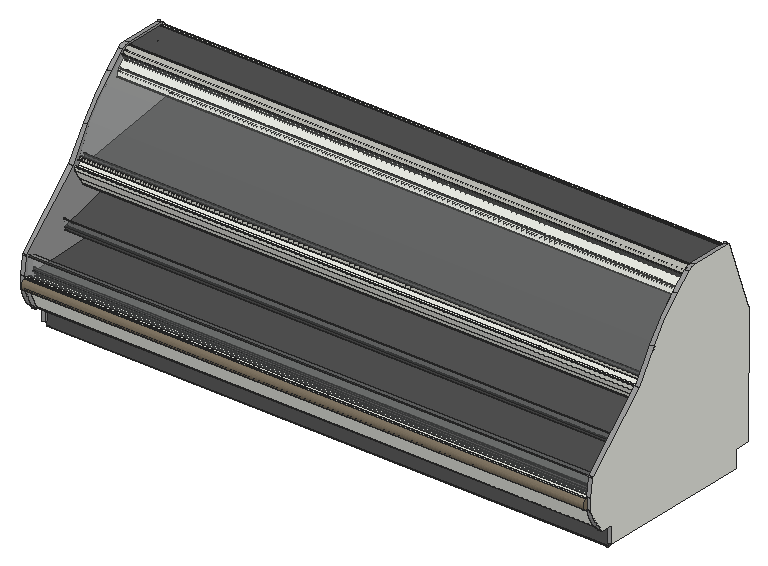
Revit family "CR3-F-EP_2014", category Specialty Equipment, Revit 2014
Parameters (values of type "12'-0" Length")
  Width = 144"
  Waste Drain = 1 1/2"  # constant formula
  Upper Drain = if(Width = 48", 32", if(Width = 72", 44", if(Width = 96", 56", if(Width = 144", 77", 0"))))  # 77"
  URL = "www.hussmann.com"
  Type Comments = "Chino"  # constant formula
  Trim = Stainless Steel
  Total Weight = Case Weight + (2 * End Weight)  # 0.00 lbf
  Splashguard = Textured Sheet Metal (Steel Painted) - 701 Black
  Side Panel - Right [instance] = yes
  Side Panel - Left [instance] = yes
  Shelves = Sheet Metal (Steel Painted) - 701 Black
  Revit Family Date = "09/15/2016"  # constant formula
  Refrigeration Lines Suction = 5/8"  # constant formula
  Refrigeration Lines Liquid = 3/8"  # constant formula
  Refrig. Suction = "Suction"
  Refrig. Liquid = "Liquid"
  Number of Supports = if(Width < 70", 2, if(Width < 140", 3, 4))  # 4
  Note from Manufacturer = "This model only comes in 4'-0\", 6'-0\", 8'-0\", and 12'-0\" lengths."
  Model URL = "http://www.hussmann.com/en/product%20viewer/display-cases/R3M,%20CR3M,%20R3F,%20CR3F"
  Model = "CR3-F-EP"  # constant formula
  Manufacturer Disclaimer = "The information in this file is not intended to be an exact representation of the corresponding Hussmann product.  Further, we reserve the right to change or revise specifications and product design in connection with any feature of our products. Such changes do not entitle the buyer to corresponding changes, improvements, additions, or replacements for equipment previously sold or shipped."  # constant formula
  Manufacturer = "Hussmann Corporation"  # constant formula
  Lower Drain = if(Width = 48", 7", if(Width = 72", 41", if(Width = 96", 53", if(Width = 144", 65", 0"))))  # 65"
  Height = 53 1/4"  # constant formula
  Glazing = Glass
  Ends = Textured Sheet Metal (Steel Painted) - 149 White Satin Matte
  End Weight = 0.00 lbf  # constant formula
  Door Frame = Plastic - 144 Mist Gray
  Description = "Enhanced Performance Service Seafood Top, Multi-Deck, Self-Service Front Merchandiser with Refrigerated or Dry Rear Storage - Curved Glass"  # constant formula
  Depth = 51 3/8"  # constant formula
  Cutsheet URL = "http://www.hussmann.com/en/Technical%20Documents/R3-M,%20CR3-M,%20R3-F,%20CR3-F_ds_En.pdf"
  Case Weight = if(Width = 48", 0.00 lbf, if(Width = 72", 0.00 lbf, if(Width = 96", 0.00 lbf, if(Width = 144", 0.00 lbf, 0.00 lbf))))  # 0.00 lbf
  Case Interior - Side Panel = Stainless Steel
  Case Interior - Back Panel = Stainless Steel
  Case = Textured Sheet Metal (Steel Painted) - 149 White Satin Matte
  Bumper = Extruded PVC - 747 Chocolate Brown
  Assembly Code = ""
  Accessories/Options = ""
  8 Case = Width = 96"  # no
  6 Case = Width = 72"  # no
  4 Case = Width = 48"  # no
  12 Case = Width = 144"  # yes
Reference planes (in)
  plane 1 "Back": y = 0
  plane 2 "Bottom": z = 0
  plane 3 "Top": z = 53.25
  plane 4 "Left": x = -77.30699
  plane 5 "Front": y = -51.375
  plane 6 "Center (Left/Right)": x = -5.30699
  plane 7: x = -78.43199
  plane 8 "Right": x = 66.69301
  plane 9: x = 67.81801
Forms (in)
  Extrusion 1, solid, material "Metal - Copper"
    sketch origin (63.0625, 1.04319, 0) x (1, 0, 0) y (0, 1, 0)
      loop
        arc (-76.49449, -39.16819) -> (-77.02482, -39.38786) -> (-77.24449, -39.91819) r 0.75
        arc (-77.24449, -39.91819) -> (-77.02482, -40.44852) -> (-76.49449, -40.66819) r 0.75
        arc (-76.49449, -40.66819) -> (-75.96416, -40.44852) -> (-75.74449, -39.91819) r 0.75
        arc (-75.74449, -39.91819) -> (-75.96416, -39.38786) -> (-76.49449, -39.16819) r 0.75
      loop
        circle (-76.49449, -39.91819) r 0.7102
    from 5.98508 to 0
  Extrusion 2, solid, material "Metal - Copper"
    sketch origin (57.40105, 5, -0.375) x (1, 0, 0) y (0, 1, 0)
      loop
        circle (2.97946, -42.125) r 0.28859
      loop
        circle (2.97946, -42.125) r 0.3125
    from 6.36008 to 0.375
  Extrusion 3, solid, material "Metal - Copper"
    sketch origin (59.82608, 5, -0.375) x (1, 0, 0) y (0, 1, 0)
      loop
        circle (1.05443, -42.125) r 0.17188
      loop
        circle (1.05443, -42.125) r 0.1875
    from 6.36008 to 0.375
  Extrusion 4, solid, material "Textured Sheet Metal (Steel Painted) - 149 White Satin Matte" <- "Case"
    sketch origin (-5.30699, 0, 0) x (0, 1, 0) y (0, 0, 1)
      loop
        line (-33.38837, 32.56835) -> (-32.48582, 33.74457)
        arc (-32.48582, 33.74457) -> (-32.43851, 33.76986) -> (-32.38829, 33.75097) r 0.065
        line (-32.38829, 33.75097) -> (-31.8949, 33.25757)
        arc (-31.8949, 33.25757) -> (-31.88081, 33.23648) -> (-31.87586, 33.21161) r 0.065
        line (-31.87586, 33.21161) -> (-31.87586, 32.51032)
        arc (-31.87586, 32.51032) -> (-31.87184, 32.49532) -> (-31.86086, 32.48434) r 0.03
        line (-31.86086, 32.48434) -> (-29.72273, 31.24989) -> (-28.88555, 31.3975)
        arc (-28.88555, 31.3975) -> (-28.83699, 31.38674) -> (-28.81026, 31.34478) r 0.065
        line (-28.81026, 31.34478) -> (-28.71363, 30.79681)
        arc (-28.71363, 30.79681) -> (-28.7013, 30.77744) -> (-28.67888, 30.77247) r 0.03
        line (-28.67888, 30.77247) -> (-27.45089, 30.989)
        arc (-27.45089, 30.989) -> (-27.40232, 30.97823) -> (-27.37559, 30.93628) r 0.065
        line (-27.37559, 30.93628) -> (-27.32528, 30.65098)
        arc (-27.32528, 30.65098) -> (-27.31599, 30.63406) -> (-27.29832, 30.6263) r 0.03
        line (-27.29832, 30.6263) -> (-26.84553, 30.58709) -> (-26.86198, 30.39712) -> (-19.20364, 29.99547) -> (-15.18644, 29.99547) -> (-4.3474, 30.51941) -> (-4.3474, 35.42711) -> (-2.94716, 35.42711) -> (-2.98168, 35.52197) -> (-4.51597, 35.52197)
        arc (-4.51597, 35.52197) -> (-4.53525, 35.51495) -> (-4.54551, 35.49718) r 0.03
        line (-4.54551, 35.49718) -> (-4.63952, 34.96406) -> (-4.70058, 34.97482) -> (-4.60657, 35.50794)
        arc (-4.60657, 35.50794) -> (-4.57511, 35.56244) -> (-4.51597, 35.58397) r 0.092
        line (-4.51597, 35.58397) -> (-2.23313, 35.58397) -> (-0.23594, 36.31089)
        arc (-0.23594, 36.31089) -> (-0.16559, 36.30782) -> (-0.11802, 36.2559) r 0.092
        line (-0.11802, 36.2559) -> (-0.00555, 35.94689)
        arc (-0.00555, 35.94689) -> (-0.0014, 35.9314) -> (0, 35.91542) r 0.092
        line (0, 35.91542) -> (0, 35.28405) -> (-0.02202, 35.03232) -> (-0.08379, 35.03772) -> (-0.062, 35.28806) -> (-0.062, 35.41322) -> (-0.27598, 35.41322) -> (-0.20665, 35.15451) -> (-0.20665, 28.41908) -> (-18.65057, 28.41908) -> (-18.65057, 7.54708) -> (-0.27157, 7.54708) -> (-0.27157, 5.90808)
        arc (-0.27157, 5.90808) -> (-0.29061, 5.86212) -> (-0.33657, 5.84308) r 0.065
        line (-0.33657, 5.84308) -> (-0.96459, 5.84308)
        arc (-0.96459, 5.84308) -> (-1.01438, 5.8663) -> (-1.0286, 5.91937) r 0.065
        line (-1.0286, 5.91937) -> (-0.92787, 6.49062) -> (-0.92787, 7.41108) -> (-2.27987, 7.41108) -> (-2.27987, 6.70416)
        arc (-2.27987, 6.70416) -> (-2.28779, 6.66436) -> (-2.31033, 6.63062) r 0.104
        line (-2.31033, 6.63062) -> (-2.99941, 5.94154)
        arc (-2.99941, 5.94154) -> (-3.03315, 5.91899) -> (-3.07295, 5.91108) r 0.104
        line (-3.07295, 5.91108) -> (-3.85387, 5.91108) -> (-3.85387, 5.98508) -> (-46.47246, 5.98508) -> (-46.54679, 5.78148)
        arc (-46.54679, 5.78148) -> (-46.60508, 5.73883) -> (-46.66679, 5.77636) r 0.065
        line (-46.66679, 5.77636) -> (-49.32381, 11.48883) -> (-50.2838, 11.48883)
        arc (-50.2838, 11.48883) -> (-50.34921, 11.51592) -> (-50.3763, 11.58133) r 0.0925
        line (-50.3763, 11.58133) -> (-50.3763, 14.20466)
        arc (-50.3763, 14.20466) -> (-50.34921, 14.27007) -> (-50.2838, 14.29716) r 0.0925
        line (-50.2838, 14.29716) -> (-49.57204, 14.29716)
        arc (-49.57204, 14.29716) -> (-49.50663, 14.27007) -> (-49.47954, 14.20466) r 0.0925
        line (-49.47954, 14.20466) -> (-49.47954, 13.11258) -> (-48.99211, 13.11258) -> (-48.99211, 13.96008) -> (-48.92961, 13.96008) -> (-48.92961, 13.58908) -> (-48.6086, 13.26808) -> (-47.30761, 13.26808) -> (-47.30761, 13.33008) -> (-46.87061, 13.33008) -> (-46.87061, 13.92649)
        arc (-46.87061, 13.92649) -> (-46.84366, 13.99154) -> (-46.77861, 14.01849) r 0.092
        line (-46.77861, 14.01849) -> (-45.83661, 14.01849)
        arc (-45.83661, 14.01849) -> (-45.77155, 13.99154) -> (-45.74461, 13.92649) r 0.092
        line (-45.74461, 13.92649) -> (-45.74461, 13.33008) -> (-45.39961, 13.33008)
        arc (-45.39961, 13.33008) -> (-45.33455, 13.30313) -> (-45.30761, 13.23808) r 0.092
        line (-45.30761, 13.23808) -> (-45.30761, 12.89308) -> (-45.36572, 12.89308) -> (-45.36572, 12.67135) -> (-45.43818, 12.40092) -> (-45.49855, 12.4171) -> (-45.42822, 12.67958) -> (-45.42822, 12.7762) -> (-46.47046, 12.7762) -> (-46.47046, 7.60758) -> (-19.73888, 7.60758) -> (-18.87522, 8.47125) -> (-18.87522, 10.98732) -> (-19.81272, 10.98732) -> (-19.81272, 11.22133) -> (-18.84907, 11.22133) -> (-18.84907, 28.20482) -> (-21.33057, 28.20482) -> (-21.33057, 24.603) -> (-21.46745, 24.603) -> (-21.46745, 23.87685) -> (-21.50774, 23.47946)
        arc (-21.50774, 23.47946) -> (-21.58178, 23.4217) -> (-21.63626, 23.49819) r 0.065
        line (-21.63626, 23.49819) -> (-21.50245, 24.20033) -> (-21.50245, 26.80753) -> (-22.46803, 27.77311) -> (-28.51585, 27.77311)
        arc (-28.51585, 27.77311) -> (-28.53268, 27.77533) -> (-28.54835, 27.78182) r 0.065
        line (-28.54835, 27.78182) -> (-30.14557, 28.70397) -> (-31.02158, 28.70397) -> (-31.21157, 28.59427)
        arc (-31.21157, 28.59427) -> (-31.22554, 28.57605) -> (-31.22254, 28.55328) r 0.03
        line (-31.22254, 28.55328) -> (-31.10515, 28.34998)
        arc (-31.10515, 28.34998) -> (-31.09865, 28.30066) -> (-31.12893, 28.26119) r 0.065
        line (-31.12893, 28.26119) -> (-31.96462, 27.77863)
        arc (-31.96462, 27.77863) -> (-32.01394, 27.77214) -> (-32.05341, 27.80242) r 0.065
        line (-32.05341, 27.80242) -> (-32.18495, 28.03022) -> (-32.14741, 28.0519) -> (-33.019, 29.56079) -> (-33.08089, 29.52506) -> (-34.33754, 31.61446) -> (-34.60221, 32.75898)
        arc (-34.60221, 32.75898) -> (-34.58024, 32.82376) -> (-34.51246, 32.83301) r 0.065
        line (-34.51246, 32.83301) -> (-34.30068, 32.73881) -> (-34.31866, 32.69839) -> (-33.54184, 32.32792) -> (-33.39162, 32.5637)
      loop
        line (-7.7013, 52.90428) -> (-17.15757, 52.90428) -> (-17.15757, 50.83167) -> (-18.95248, 50.83167)
        arc (-18.95248, 50.83167) -> (-18.98787, 50.82463) -> (-19.01788, 50.80458) r 0.0925
        line (-19.01788, 50.80458) -> (-20.44006, 49.3824)
        arc (-20.44006, 49.3824) -> (-20.46011, 49.2816) -> (-20.37465, 49.2245) r 0.0925
        line (-20.37465, 49.2245) -> (-20.45838, 49.2245)
        arc (-20.45838, 49.2245) -> (-20.49795, 49.21106) -> (-20.52116, 49.17632) r 0.065
        line (-20.52116, 49.17632) -> (-20.96518, 47.51924)
        arc (-20.96518, 47.51924) -> (-20.91949, 47.43971) -> (-20.83975, 47.48505) r 0.065
        line (-20.83975, 47.48505) -> (-20.75047, 47.807) -> (-20.7842, 47.81636) -> (-20.87348, 47.4944)
        arc (-20.87348, 47.4944) -> (-20.91028, 47.47348) -> (-20.93137, 47.51019) r 0.03
        line (-20.93137, 47.51019) -> (-20.50953, 49.0845) -> (-20.47593, 49.0755) -> (-20.47593, 48.56476)
        arc (-20.47593, 48.56476) -> (-20.45543, 48.51526) -> (-20.40593, 48.49476) r 0.07
        line (-20.40593, 48.49476) -> (-19.18749, 48.49476)
        arc (-19.18749, 48.49476) -> (-19.14153, 48.5138) -> (-19.12249, 48.55976) r 0.065
        line (-19.12249, 48.55976) -> (-19.12249, 49.1595)
        arc (-19.12249, 49.1595) -> (-19.14153, 49.20546) -> (-19.18749, 49.2245) r 0.065
        line (-19.18749, 49.2245) -> (-19.4124, 49.2245) -> (-19.4124, 49.287) -> (-20.08187, 49.287) -> (-18.85794, 50.51093) -> (-10.33522, 50.51093) -> (-10.33522, 50.81867) -> (-8.18319, 50.81867) -> (-8.3657, 50.31723)
        arc (-8.3657, 50.31723) -> (-8.3631, 50.25759) -> (-8.31908, 50.21726) r 0.078
        line (-8.31908, 50.21726) -> (-7.21684, 49.81607)
        arc (-7.21684, 49.81607) -> (-7.19016, 49.81137) -> (-7.16349, 49.81607) r 0.078
        line (-7.16349, 49.81607) -> (-5.87825, 50.28386)
        arc (-5.87825, 50.28386) -> (-5.83424, 50.32419) -> (-5.83163, 50.38383) r 0.078
        arc (-5.83163, 50.38383) -> (-5.78406, 50.33192) -> (-5.71372, 50.32885) r 0.092
        line (-5.71372, 50.32885) -> (-5.41208, 50.43863)
        arc (-5.41208, 50.43863) -> (-5.36016, 50.4862) -> (-5.35709, 50.55655) r 0.092
        line (-5.35709, 50.55655) -> (-6.30348, 53.15672)
        arc (-6.30348, 53.15672) -> (-6.41404, 53.30081) -> (-6.58726, 53.35543) r 0.302
        line (-6.58726, 53.35543) -> (-7.1713, 53.35543)
        arc (-7.1713, 53.35543) -> (-7.23635, 53.32848) -> (-7.2633, 53.26343) r 0.092
        line (-7.2633, 53.26343) -> (-7.2633, 52.98303) -> (-7.6233, 52.98303)
        arc (-7.6233, 52.98303) -> (-7.67872, 52.95992) -> (-7.7013, 52.90428) r 0.078
      loop
        arc (-8.70629, 49.87386) -> (-8.55803, 49.99329) -> (-8.49628, 50.17339) r 0.34306
        line (-8.49628, 50.17339) -> (-8.49245, 50.25227) -> (-8.62388, 50.25405) -> (-18.46227, 50.3871) -> (-18.46058, 50.30815)
        arc (-18.46058, 50.30815) -> (-18.4035, 50.12616) -> (-18.25803, 50.0028) r 0.34295
        arc (-18.25803, 50.0028) -> (-18.21882, 49.96922) -> (-18.20356, 49.91992) r 0.093
        line (-18.20356, 49.91992) -> (-18.159, 48.15335)
        spline (-18.159, 48.15335) -> (-18.15533, 48.09935) -> (-18.14707, 48.04586) -> (-18.1343, 47.99327) -> (-18.11709, 47.94196) -> (-18.09558, 47.89229) -> (-18.06991, 47.84464) -> (-18.04029, 47.79934) -> (-18.00691, 47.75672) -> (-17.97003, 47.7171) -> (-17.9299, 47.68077) -> (-17.88683, 47.64797) -> (-17.84113, 47.61896)
        line (-17.84113, 47.61896) -> (-16.08485, 46.60647)
        spline (-16.08485, 46.60647) -> (-16.05336, 46.58834) -> (-16.02231, 46.57049) -> (-15.99206, 46.55314) -> (-15.96298, 46.53649) -> (-15.9354, 46.52074) -> (-15.90965, 46.50608) -> (-15.88605, 46.49268) -> (-15.86487, 46.48071) -> (-15.84637, 46.47029) -> (-15.83076, 46.46157) -> (-15.81823, 46.45464) -> (-15.80892, 46.44958)
        arc (-15.80892, 46.44958) -> (-15.75024, 46.42542) -> (-15.68736, 46.41686) r 0.24938
        line (-15.68736, 46.41686) -> (-10.05286, 46.3406) -> (-9.7997, 47.24959) -> (-9.40546, 47.63315)
        spline (-9.40546, 47.63315) -> (-9.39704, 47.6417) -> (-9.38901, 47.65061) -> (-9.38138, 47.65987) -> (-9.37415, 47.66944) -> (-9.36735, 47.67932) -> (-9.36099, 47.68949) -> (-9.35508, 47.69993) -> (-9.34963, 47.71061) -> (-9.34465, 47.72153) -> (-9.34015, 47.73265) -> (-9.33614, 47.74395) -> (-9.33263, 47.75542)
        line (-9.33263, 47.75542) -> (-8.7574, 49.79094)
        arc (-8.7574, 49.79094) -> (-8.74105, 49.84073) -> (-8.7004, 49.87378) r 0.09302
    from 72 to -72
  Extrusion 5, solid, material "Sheet Metal (Steel Painted) - 701 Black" <- "Shelves"
    sketch origin (-5.30699, 0, 0) x (0, 1, 0) y (0, 0, 1)
      loop
        line (-47.61712, 14.45678) -> (-47.60219, 13.99202) -> (-20.77257, 14.85426) -> (-20.77257, 24.58807) -> (-21.46057, 24.58807) -> (-21.46057, 15.3324) -> (-47.61825, 14.49176)
        arc (-47.61825, 14.49176) -> (-47.63973, 14.49986) -> (-47.6492, 14.52078) r 0.03
        line (-47.6492, 14.52078) -> (-47.68035, 15.49028)
        arc (-47.68035, 15.49028) -> (-47.75306, 15.55273) -> (-47.80894, 15.47486) r 0.065
        line (-47.80894, 15.47486) -> (-47.73857, 15.13915) -> (-47.70432, 15.14633) -> (-47.68418, 14.51966)
        arc (-47.68418, 14.51966) -> (-47.66367, 14.47433) -> (-47.61712, 14.45678) r 0.065
    from 72 to -72
  Extrusion 6, solid, material "Sheet Metal (Steel Painted) - 701 Black" <- "Shelves"
    sketch origin (-5.30699, 0, 0) x (0, 1, 0) y (0, 0, 1)
      loop
        arc (-37.37591, 20.55304) -> (-37.41386, 20.52392) -> (-37.4201, 20.4765) r 0.0625
        line (-37.4201, 20.4765) -> (-37.20032, 19.65628) -> (-37.45375, 19.58853) -> (-37.62233, 20.31883) -> (-37.68275, 20.30488) -> (-37.51403, 19.5741)
        arc (-37.51403, 19.5741) -> (-37.48555, 19.53491) -> (-37.43757, 19.52816) r 0.062
        line (-37.43757, 19.52816) -> (-36.59239, 19.75463) -> (-36.60996, 19.82019)
        arc (-36.60996, 19.82019) -> (-36.5977, 19.83875) -> (-36.59726, 19.86099) r 0.04
        line (-36.59726, 19.86099) -> (-36.77098, 20.52878) -> (-35.92628, 20.75209) -> (-35.88731, 20.60665) -> (-35.804, 20.62897)
        arc (-35.804, 20.62897) -> (-35.77744, 20.62547) -> (-35.76113, 20.60422) r 0.035
        line (-35.76113, 20.60422) -> (-35.68092, 20.30489)
        arc (-35.68092, 20.30489) -> (-35.66826, 20.27965) -> (-35.64666, 20.26146) r 0.07
        line (-35.64666, 20.26146) -> (-35.12588, 19.97927)
        arc (-35.12588, 19.97927) -> (-35.04917, 19.98586) -> (-35.02491, 20.05893) r 0.07
        line (-35.02491, 20.05893) -> (-35.07702, 20.25341) -> (-21.79848, 23.74887)
        arc (-21.79848, 23.74887) -> (-21.76053, 23.77799) -> (-21.75428, 23.82542) r 0.0625
        line (-21.75428, 23.82542) -> (-21.9484, 24.54987)
        arc (-21.9484, 24.54987) -> (-21.97752, 24.58782) -> (-22.02494, 24.59406) r 0.0625
        line (-22.02494, 24.59406) -> (-37.37591, 20.55304)
    from 72 to -72
  Extrusion 7, solid, material "Glass" <- "Glazing"
    sketch origin (-5.30699, 0, 0) x (0, 1, 0) y (0, 0, 1)
      loop
        line (-38.15322, 22.24812) -> (-37.44146, 19.59182) -> (-37.19994, 19.65639) -> (-37.91173, 22.31283)
        arc (-37.91173, 22.31283) -> (-38.06483, 22.40122) -> (-38.15322, 22.24812) r 0.125
    from 72 to -72
  Extrusion 8, solid, material "Glass" <- "Glazing"
    sketch origin (-5.30699, 0, 0) x (0, 1, 0) y (0, 0, 1)
      loop
        line (-49.47954, 18.6907) -> (-49.47954, 13.11258) -> (-48.99211, 13.11258) -> (-48.99211, 18.61243)
        arc (-48.99211, 18.61243) -> (-49.20247, 18.85926) -> (-49.47954, 18.6907) r 0.25
    from 72 to -72
  Extrusion 9, solid, material "Extruded PVC - 747 Chocolate Brown" <- "Bumper"
    sketch origin (-5.30699, 0, 0) x (0, 1, 0) y (0, 0, 1)
      loop
        arc (-50.3763, 13.97878) -> (-51.3763, 12.72878) -> (-50.3763, 11.47878) r 1.28125
        line (-50.3763, 11.47878) -> (-50.3763, 13.97878)
    from 72 to -72
  Extrusion 10, solid, material "Sheet Metal (Steel Painted) - 701 Black" <- "Shelves"
    sketch origin (-5.30699, 0, 0) x (0, 1, 0) y (0, 0, 1)
      loop
        line (-7.38303, 53.29798) -> (-17.05429, 53.29798) -> (-17.09366, 53.25861) -> (-17.09366, 53.02831) -> (-16.98879, 52.90767) -> (-16.79783, 52.90767) -> (-16.73329, 52.98302) -> (-7.38303, 52.98302) -> (-7.34366, 53.02239) -> (-7.34366, 53.25861) -> (-7.38303, 53.29798)
    from 72 to -72
  Extrusion 11, solid, material "Plastic - 144 Mist Gray" <- "Door Frame"
    sketch origin (-5.30699, 0, 0) x (0, 1, 0) y (0, 0, 1)
      loop
        line (-32.96754, 34.44172) -> (-33.23095, 33.77271)
        arc (-33.23095, 33.77271) -> (-33.23011, 33.72527) -> (-33.19597, 33.69231) r 0.062
        line (-33.19597, 33.69231) -> (-32.96467, 33.60295)
        arc (-32.96467, 33.60295) -> (-32.91766, 33.6039) -> (-32.88483, 33.63756) r 0.062
        line (-32.88483, 33.63756) -> (-32.87204, 33.66924)
        arc (-32.87204, 33.66924) -> (-32.83903, 33.70299) -> (-32.79184, 33.70372) r 0.062
        line (-32.79184, 33.70372) -> (-32.72201, 33.67623)
        arc (-32.72201, 33.67623) -> (-32.66747, 33.73008) -> (-32.68762, 33.80403) r 0.07595
        line (-32.68762, 33.80403) -> (-32.66677, 33.85729) -> (-32.51145, 33.71117) -> (-32.3787, 33.88418) -> (-32.54549, 34.14124)
        arc (-32.54549, 34.14124) -> (-32.489, 34.18537) -> (-32.49373, 34.2569) r 0.07661
        line (-32.49373, 34.2569) -> (-32.64938, 34.31713)
        arc (-32.64938, 34.31713) -> (-32.66833, 34.31835) -> (-32.68443, 34.30828) r 0.031
        arc (-32.68443, 34.30828) -> (-32.81429, 33.98404) -> (-32.94132, 33.65868) r 40
        line (-32.94132, 33.65868) -> (-33.17394, 33.75027)
        arc (-33.17394, 33.75027) -> (-33.04315, 34.08514) -> (-32.90937, 34.41882) r 40.25
        line (-32.90937, 34.41882) -> (-32.96754, 34.44172)
      loop
        line (-18.83593, 51.52449) -> (-18.6385, 51.17915)
        arc (-18.6385, 51.17915) -> (-18.55725, 51.08594) -> (-18.44638, 51.03119) r 0.31496
        line (-18.44638, 51.03119) -> (-17.69979, 50.83167) -> (-17.15757, 50.83167) -> (-17.15757, 52.90428) -> (-16.98584, 52.90428) -> (-17.06801, 52.99881) -> (-17.13592, 52.99881) -> (-17.13592, 53.27146)
        arc (-17.13592, 53.27146) -> (-17.14169, 53.28538) -> (-17.15561, 53.29115) r 0.01969
        line (-17.15561, 53.29115) -> (-17.23567, 53.29115)
        arc (-17.23567, 53.29115) -> (-17.40817, 53.06189) -> (-17.49374, 52.78804) r 0.84252
        line (-17.49374, 52.78804) -> (-17.56189, 52.78518)
        arc (-17.56189, 52.78518) -> (-17.51746, 52.98456) -> (-17.43036, 53.16932) r 0.9252
        arc (-17.43036, 53.16932) -> (-17.43084, 53.19069) -> (-17.45052, 53.19902) r 0.01968
        arc (-17.45052, 53.19902) -> (-18.50854, 52.75906) -> (-19.2771, 51.9092) r 2.61653
        arc (-19.2771, 51.9092) -> (-19.27989, 51.87327) -> (-19.25227, 51.85012) r 0.03937
        line (-19.25227, 51.85012) -> (-18.61303, 52.29494) -> (-18.48735, 52.38442)
        arc (-18.48735, 52.38442) -> (-18.42794, 52.3978) -> (-18.37675, 52.36481) r 0.07874
        line (-18.37675, 52.36481) -> (-18.31698, 52.27768) -> (-18.44492, 52.27232) -> (-18.49919, 52.15378) -> (-18.44373, 52.07574)
        arc (-18.44373, 52.07574) -> (-18.43706, 52.04602) -> (-18.45358, 52.02044) r 0.03937
        line (-18.45358, 52.02044) -> (-18.58078, 51.93334) -> (-19.06946, 51.59874)
        arc (-19.06946, 51.59874) -> (-19.09424, 51.56037) -> (-19.08424, 51.5158) r 0.05905
        line (-19.08424, 51.5158) -> (-19.01642, 51.42037)
        arc (-19.01642, 51.42037) -> (-19.00366, 51.41237) -> (-18.98897, 51.41573) r 0.01969
        line (-18.98897, 51.41573) -> (-18.83593, 51.52449)
    from 72 to -72
  Extrusion 12, solid, material "Textured Sheet Metal (Steel Painted) - 701 Black" <- "Splashguard"
    sketch origin (-5.30699, 0, 0) x (0, 1, 0) y (0, 0, 1)
      loop
        arc (-43.33825, 5.48508) -> (-43.363, 5.47483) -> (-43.37325, 5.45008) r 0.035
        line (-43.37325, 5.45008) -> (-43.37325, 0.02008)
        arc (-43.37325, 0.02008) -> (-43.363, -0.00467) -> (-43.33825, -0.01492) r 0.035
        line (-43.33825, -0.01492) -> (-42.83825, -0.01492)
        arc (-42.83825, -0.01492) -> (-42.8135, -0.00467) -> (-42.80325, 0.02008) r 0.035
        line (-42.80325, 0.02008) -> (-42.80325, 0.39508) -> (-42.88512, 0.39508) -> (-42.88512, 5.07508) -> (-42.80325, 5.07508) -> (-42.80325, 5.45008)
        arc (-42.80325, 5.45008) -> (-42.8135, 5.47483) -> (-42.83825, 5.48508) r 0.035
        line (-42.83825, 5.48508) -> (-43.33825, 5.48508)
      loop
        line (-4.19387, 5.48508) -> (-4.19387, 0.45495) -> (-3.8561, 0.05241) -> (-3.47425, -0.01492) -> (-3.46817, 0.01955) -> (-3.83748, 0.08467) -> (-4.15887, 0.46769) -> (-4.15887, 5.48508) -> (-4.19387, 5.48508)
    from 72 to -72
  Extrusion 13, solid, material "Glass" <- "Glazing"
    sketch origin (-5.30699, 0, 0) x (0, 1, 0) y (0, 0, 1)
      loop
        line (-18.48736, 52.0493) -> (-18.63016, 52.2545)
        arc (-18.63016, 52.2545) -> (-27.28477, 44.08917) -> (-33.17394, 33.75027) r 40.25
        line (-33.17394, 33.75027) -> (-32.94132, 33.65868)
        arc (-32.94132, 33.65868) -> (-27.08866, 43.93412) -> (-18.48736, 52.0493) r 40
    from 72 to -72
  Extrusion 14, solid, material "Metal - Copper"
    sketch origin (-56.6875, 24.04319, 0) x (1, 0, 0) y (0, 1, 0)
      loop
        arc (56.38051, -40.66819) -> (55.85018, -40.88786) -> (55.63051, -41.41819) r 0.75
        arc (55.63051, -41.41819) -> (55.85018, -41.94852) -> (56.38051, -42.16819) r 0.75
        arc (56.38051, -42.16819) -> (56.91084, -41.94852) -> (57.13051, -41.41819) r 0.75
        arc (57.13051, -41.41819) -> (56.91084, -40.88786) -> (56.38051, -40.66819) r 0.75
      loop
        circle (56.38051, -41.41819) r 0.7102
    from 5.98508 to 0
  Extrusion 15, solid, material "Glass" <- "Glazing"
    sketch origin (-5.30699, 0, 0) x (0, 1, 0) y (0, 0, 1)
      loop
        line (-47.77768, 18.51872) -> (-47.6492, 14.52078) -> (-47.39933, 14.52881) -> (-47.52781, 18.52675) -> (-47.77768, 18.51872)
    from 72 to -72
  Extrusion 16, solid, material "Stainless Steel" <- "Case Interior - Back Panel", visible <- "12 Case"
    sketch origin (-77.30699, 0, 0) x (0, 1, 0) y (0, 0, 1)
      loop
        line (-3.0039, 35.56897) -> (-2.27433, 35.56897) -> (-0.17956, 36.33141) -> (-5.4525, 50.81867) -> (-8.55461, 50.81867) -> (-3.0039, 35.56897)
    from 144 to 143.5
  Extrusion 17, solid, material "Stainless Steel" <- "Case Interior - Back Panel", visible <- "12 Case"
    sketch origin (-77.30699, 0, 0) x (0, 1, 0) y (0, 0, 1)
      loop
        line (-3.0039, 35.56897) -> (-2.27433, 35.56897) -> (-0.17956, 36.33141) -> (-5.4525, 50.81867) -> (-8.55461, 50.81867) -> (-3.0039, 35.56897)
    from 96.5 to 95.5
  Extrusion 18, solid, material "Stainless Steel" <- "Case Interior - Back Panel", visible <- "12 Case"
    sketch origin (-77.30699, 0, 0) x (0, 1, 0) y (0, 0, 1)
      loop
        line (-3.0039, 35.56897) -> (-2.27433, 35.56897) -> (-0.17956, 36.33141) -> (-5.4525, 50.81867) -> (-8.55461, 50.81867) -> (-3.0039, 35.56897)
    from 48.5 to 47.5
  Extrusion 19, solid, material "Stainless Steel" <- "Case Interior - Back Panel", visible <- "12 Case"
    sketch origin (-77.30699, 0, 0) x (0, 1, 0) y (0, 0, 1)
      loop
        line (-3.0039, 35.56897) -> (-2.27433, 35.56897) -> (-0.17956, 36.33141) -> (-5.4525, 50.81867) -> (-8.55461, 50.81867) -> (-3.0039, 35.56897)
    from 0.5 to 0
  Extrusion 20, solid, material "Stainless Steel" <- "Case Interior - Back Panel", visible <- "12 Case", not visible
    sketch origin (-77.30699, 0, 0) x (0, 1, 0) y (0, 0, 1)
      loop
        line (-3.0039, 35.56897) -> (-2.27433, 35.56897) -> (-0.17956, 36.33141) -> (-5.4525, 50.81867) -> (-8.55461, 50.81867) -> (-3.0039, 35.56897)
    from 144 to 143.5
  Extrusion 21, solid, material "Stainless Steel" <- "Case Interior - Back Panel", visible <- "12 Case", not visible
    sketch origin (-77.30699, 0, 0) x (0, 1, 0) y (0, 0, 1)
      loop
        line (-3.0039, 35.56897) -> (-2.27433, 35.56897) -> (-0.17956, 36.33141) -> (-5.4525, 50.81867) -> (-8.55461, 50.81867) -> (-3.0039, 35.56897)
    from 96.5 to 95.5
  Extrusion 22, solid, material "Stainless Steel" <- "Case Interior - Back Panel", visible <- "12 Case", not visible
    sketch origin (-77.30699, 0, 0) x (0, 1, 0) y (0, 0, 1)
      loop
        line (-3.0039, 35.56897) -> (-2.27433, 35.56897) -> (-0.17956, 36.33141) -> (-5.4525, 50.81867) -> (-8.55461, 50.81867) -> (-3.0039, 35.56897)
    from 48.5 to 47.5
  Extrusion 23, solid, material "Stainless Steel" <- "Case Interior - Back Panel", visible <- "12 Case", not visible
    sketch origin (-77.30699, 0, 0) x (0, 1, 0) y (0, 0, 1)
      loop
        line (-3.0039, 35.56897) -> (-2.27433, 35.56897) -> (-0.17956, 36.33141) -> (-5.4525, 50.81867) -> (-8.55461, 50.81867) -> (-3.0039, 35.56897)
    from 0.5 to 0
  Extrusion 24, solid, material "Stainless Steel" <- "Case Interior - Back Panel", visible <- "8 Case"
    sketch origin (-77.30699, 0, 0) x (0, 1, 0) y (0, 0, 1)
      loop
        line (-3.0039, 35.56897) -> (-2.27433, 35.56897) -> (-0.17956, 36.33141) -> (-5.4525, 50.81867) -> (-8.55461, 50.81867) -> (-3.0039, 35.56897)
    from 96 to 95.5
  Extrusion 25, solid, material "Stainless Steel" <- "Case Interior - Back Panel", visible <- "8 Case"
    sketch origin (-77.30699, 0, 0) x (0, 1, 0) y (0, 0, 1)
      loop
        line (-3.0039, 35.56897) -> (-2.27433, 35.56897) -> (-0.17956, 36.33141) -> (-5.4525, 50.81867) -> (-8.55461, 50.81867) -> (-3.0039, 35.56897)
    from 48.5 to 47.5
  Extrusion 26, solid, material "Stainless Steel" <- "Case Interior - Back Panel", visible <- "8 Case"
    sketch origin (-77.30699, 0, 0) x (0, 1, 0) y (0, 0, 1)
      loop
        line (-3.0039, 35.56897) -> (-2.27433, 35.56897) -> (-0.17956, 36.33141) -> (-5.4525, 50.81867) -> (-8.55461, 50.81867) -> (-3.0039, 35.56897)
    from 0.5 to 0
  Extrusion 27, solid, material "Stainless Steel" <- "Case Interior - Back Panel", visible <- "8 Case", not visible
    sketch origin (-77.30699, 0, 0) x (0, 1, 0) y (0, 0, 1)
      loop
        line (-3.0039, 35.56897) -> (-2.27433, 35.56897) -> (-0.17956, 36.33141) -> (-5.4525, 50.81867) -> (-8.55461, 50.81867) -> (-3.0039, 35.56897)
    from 96 to 95.5
  Extrusion 28, solid, material "Stainless Steel" <- "Case Interior - Back Panel", visible <- "8 Case", not visible
    sketch origin (-77.30699, 0, 0) x (0, 1, 0) y (0, 0, 1)
      loop
        line (-3.0039, 35.56897) -> (-2.27433, 35.56897) -> (-0.17956, 36.33141) -> (-5.4525, 50.81867) -> (-8.55461, 50.81867) -> (-3.0039, 35.56897)
    from 48.5 to 47.5
  Extrusion 29, solid, material "Stainless Steel" <- "Case Interior - Back Panel", visible <- "8 Case", not visible
    sketch origin (-77.30699, 0, 0) x (0, 1, 0) y (0, 0, 1)
      loop
        line (-3.0039, 35.56897) -> (-2.27433, 35.56897) -> (-0.17956, 36.33141) -> (-5.4525, 50.81867) -> (-8.55461, 50.81867) -> (-3.0039, 35.56897)
    from 0.5 to 0
  Extrusion 30, solid, material "Stainless Steel" <- "Case Interior - Back Panel", visible <- "6 Case"
    sketch origin (-77.30699, 0, 0) x (0, 1, 0) y (0, 0, 1)
      loop
        line (-3.0039, 35.56897) -> (-2.27433, 35.56897) -> (-0.17956, 36.33141) -> (-5.4525, 50.81867) -> (-8.55461, 50.81867) -> (-3.0039, 35.56897)
    from 72 to 71.5
  Extrusion 31, solid, material "Stainless Steel" <- "Case Interior - Back Panel", visible <- "6 Case"
    sketch origin (-77.30699, 0, 0) x (0, 1, 0) y (0, 0, 1)
      loop
        line (-3.0039, 35.56897) -> (-2.27433, 35.56897) -> (-0.17956, 36.33141) -> (-5.4525, 50.81867) -> (-8.55461, 50.81867) -> (-3.0039, 35.56897)
    from 0.5 to 0
  Extrusion 32, solid, material "Stainless Steel" <- "Case Interior - Back Panel", visible <- "6 Case", not visible
    sketch origin (-72.99499, 10.38492, -11.25191) x (0, 1, 0) y (0, 0, 1)
      loop
        line (-3.0039, 35.56897) -> (-2.27433, 35.56897) -> (-0.17956, 36.33141) -> (-5.4525, 50.81867) -> (-8.55461, 50.81867) -> (-3.0039, 35.56897)
    from 72 to 71.5
  Extrusion 33, solid, material "Stainless Steel" <- "Case Interior - Back Panel", visible <- "6 Case", not visible
    sketch origin (-72.99499, 10.38492, -11.25191) x (0, 1, 0) y (0, 0, 1)
      loop
        line (-3.0039, 35.56897) -> (-2.27433, 35.56897) -> (-0.17956, 36.33141) -> (-5.4525, 50.81867) -> (-8.55461, 50.81867) -> (-3.0039, 35.56897)
    from 0.5 to 0
  Extrusion 34, solid, material "Stainless Steel" <- "Case Interior - Back Panel", visible <- "4 Case"
    sketch origin (-77.30699, 0, 0) x (0, 1, 0) y (0, 0, 1)
      loop
        line (-3.0039, 35.56897) -> (-2.27433, 35.56897) -> (-0.17956, 36.33141) -> (-5.4525, 50.81867) -> (-8.55461, 50.81867) -> (-3.0039, 35.56897)
    from 48 to 47.5
  Extrusion 35, solid, material "Stainless Steel" <- "Case Interior - Back Panel", visible <- "4 Case"
    sketch origin (-77.30699, 0, 0) x (0, 1, 0) y (0, 0, 1)
      loop
        line (-3.0039, 35.56897) -> (-2.27433, 35.56897) -> (-0.17956, 36.33141) -> (-5.4525, 50.81867) -> (-8.55461, 50.81867) -> (-3.0039, 35.56897)
    from 0.5 to 0
  Extrusion 36, solid, material "Stainless Steel" <- "Case Interior - Back Panel", visible <- "4 Case", not visible
    sketch origin (-77.30699, 0, 0) x (0, 1, 0) y (0, 0, 1)
      loop
        line (-3.0039, 35.56897) -> (-2.27433, 35.56897) -> (-0.17956, 36.33141) -> (-5.4525, 50.81867) -> (-8.55461, 50.81867) -> (-3.0039, 35.56897)
    from 48 to 47.5
  Extrusion 37, solid, material "Stainless Steel" <- "Case Interior - Back Panel", visible <- "4 Case", not visible
    sketch origin (-77.30699, 0, 0) x (0, 1, 0) y (0, 0, 1)
      loop
        line (-3.0039, 35.56897) -> (-2.27433, 35.56897) -> (-0.17956, 36.33141) -> (-5.4525, 50.81867) -> (-8.55461, 50.81867) -> (-3.0039, 35.56897)
    from 0.5 to 0
  Extrusion 38, solid, material "Textured Sheet Metal (Steel Painted) - 149 White Satin Matte" <- "Ends", visible <- "Side Panel - Right"
    sketch origin (66.69301, 0, 0) x (0, 0, 1) y (0, -1, 0)
      loop
        line (14.37387, 50.38318) -> (11.46764, 50.38318)
        arc (11.46764, 50.38318) -> (11.43063, 50.38042) -> (11.39444, 50.37222) r 0.25
        arc (11.39444, 50.37222) -> (8.20563, 48.95814) -> (5.44554, 46.82504) r 14.53568
        arc (5.44554, 46.82504) -> (5.38353, 46.72102) -> (5.36534, 46.60129) r 0.315
        line (5.36534, 46.60129) -> (5.36534, 43.99457)
        arc (5.36534, 43.99457) -> (5.2555, 43.72941) -> (4.99034, 43.61957) r 0.375
        line (4.99034, 43.61957) -> (1, 43.61957) -> (1, 3.98561) -> (4.99034, 3.98561)
        arc (4.99034, 3.98561) -> (5.2555, 3.87577) -> (5.36534, 3.61061) r 0.375
        line (5.36534, 3.61061) -> (5.36534, 0.20665)
        arc (5.36534, 0.20665) -> (5.43856, 0.02988) -> (5.61534, -0.04335) r 0.25
        line (5.61534, -0.04335) -> (36.42209, -0.04335)
        arc (36.42209, -0.04335) -> (36.4655, -0.03955) -> (36.5076, -0.02827) r 0.25
        line (36.5076, -0.02827) -> (53.39927, 6.1198)
        arc (53.39927, 6.1198) -> (53.51856, 6.21132) -> (53.56377, 6.35472) r 0.25
        line (53.56377, 6.35472) -> (53.56377, 16.83404)
        arc (53.56377, 16.83404) -> (53.36675, 17.90328) -> (52.80158, 18.83208) r 3
        line (52.80158, 18.83208) -> (49.42736, 22.61123)
        arc (49.42736, 22.61123) -> (45.2531, 26.65963) -> (40.54209, 30.0685) r 40.5
        line (40.54209, 30.0685) -> (33.07243, 34.69494)
        arc (33.07243, 34.69494) -> (33.03286, 34.72316) -> (32.99726, 34.75626) r 0.375
        line (32.99726, 34.75626) -> (18.99101, 49.5861)
        arc (18.99101, 49.5861) -> (18.89401, 49.66584) -> (18.7802, 49.7189) r 0.5
        arc (18.7802, 49.7189) -> (16.593, 50.15696) -> (14.37387, 50.38318) r 23.22394
    from 0 to 1.125
  Extrusion 39, solid, material "Textured Sheet Metal (Steel Painted) - 149 White Satin Matte" <- "Ends", visible <- "Side Panel - Left"
    sketch origin (-77.30699, 5.00314, 0) x (0, 1, 0) y (0, 0, 1)
      loop
        line (-39.7594, 32.99726) -> (-54.58923, 18.99101)
        arc (-54.58923, 18.99101) -> (-54.66897, 18.89401) -> (-54.72203, 18.7802) r 0.5
        arc (-54.72203, 18.7802) -> (-55.1601, 16.593) -> (-55.38631, 14.37387) r 23.22394
        line (-55.38631, 14.37387) -> (-55.38631, 11.46764)
        arc (-55.38631, 11.46764) -> (-55.38356, 11.43063) -> (-55.37536, 11.39444) r 0.25
        arc (-55.37536, 11.39444) -> (-53.96127, 8.20563) -> (-51.82818, 5.44554) r 14.53568
        arc (-51.82818, 5.44554) -> (-51.72416, 5.38353) -> (-51.60443, 5.36534) r 0.315
        line (-51.60443, 5.36534) -> (-48.99771, 5.36534)
        arc (-48.99771, 5.36534) -> (-48.73254, 5.2555) -> (-48.62271, 4.99034) r 0.375
        line (-48.62271, 4.99034) -> (-48.62271, 1) -> (-8.98874, 1) -> (-8.98874, 4.99034)
        arc (-8.98874, 4.99034) -> (-8.87891, 5.2555) -> (-8.61374, 5.36534) r 0.375
        line (-8.61374, 5.36534) -> (-5.20979, 5.36534)
        arc (-5.20979, 5.36534) -> (-5.03301, 5.43856) -> (-4.95979, 5.61534) r 0.25
        line (-4.95979, 5.61534) -> (-4.95979, 36.42209)
        arc (-4.95979, 36.42209) -> (-4.96359, 36.4655) -> (-4.97487, 36.5076) r 0.25
        line (-4.97487, 36.5076) -> (-11.12293, 53.39927)
        arc (-11.12293, 53.39927) -> (-11.21446, 53.51856) -> (-11.35786, 53.56377) r 0.25
        line (-11.35786, 53.56377) -> (-21.83718, 53.56377)
        arc (-21.83718, 53.56377) -> (-22.90642, 53.36675) -> (-23.83522, 52.80158) r 3
        line (-23.83522, 52.80158) -> (-27.61437, 49.42736)
        arc (-27.61437, 49.42736) -> (-31.66276, 45.2531) -> (-35.07163, 40.54209) r 40.5
        line (-35.07163, 40.54209) -> (-39.69808, 33.07243)
        arc (-39.69808, 33.07243) -> (-39.7263, 33.03286) -> (-39.7594, 32.99726) r 0.375
    from -1.125 to 0
  Extrusion 40, solid, material "Sheet Metal (Steel Painted) - 701 Black" <- "Shelves"
    sketch origin (-5.30699, 0, 0) x (0, 1, 0) y (0, 0, 1)
      loop
        line (-31.55758, 34.4698) -> (-31.55758, 32.48712)
        arc (-31.55758, 32.48712) -> (-31.54887, 32.45462) -> (-31.52508, 32.43083) r 0.065
        line (-31.52508, 32.43083) -> (-29.98423, 31.54123)
        arc (-29.98423, 31.54123) -> (-29.96536, 31.53396) -> (-29.94517, 31.53285) r 0.065
        line (-29.94517, 31.53285) -> (-5.17852, 34.04513)
        arc (-5.17852, 34.04513) -> (-5.14515, 34.0585) -> (-5.124, 34.08756) r 0.065
        line (-5.124, 34.08756) -> (-4.58417, 35.57073)
        arc (-4.58417, 35.57073) -> (-4.57319, 35.58505) -> (-4.55598, 35.59047) r 0.03
        line (-4.55598, 35.59047) -> (-4.10698, 35.59047)
        arc (-4.10698, 35.59047) -> (-4.06102, 35.60951) -> (-4.04198, 35.65547) r 0.065
        line (-4.04198, 35.65547) -> (-4.04198, 36.25032)
        arc (-4.04198, 36.25032) -> (-4.02448, 36.26782) -> (-4.00698, 36.25032) r 0.0175
        line (-4.00698, 36.25032) -> (-4.00698, 35.90281) -> (-3.97198, 35.90281) -> (-3.97198, 36.25032)
        arc (-3.97198, 36.25032) -> (-4.02448, 36.30282) -> (-4.07698, 36.25032) r 0.0525
        line (-4.07698, 36.25032) -> (-4.08506, 36.3022) -> (-30.92725, 32.12609) -> (-31.50758, 32.46114)
        arc (-31.50758, 32.46114) -> (-31.51856, 32.47212) -> (-31.52258, 32.48712) r 0.03
        line (-31.52258, 32.48712) -> (-31.52258, 34.4698)
        arc (-31.52258, 34.4698) -> (-31.50508, 34.4873) -> (-31.48758, 34.4698) r 0.0175
        line (-31.48758, 34.4698) -> (-31.48758, 34.12229) -> (-31.45258, 34.12229) -> (-31.45258, 34.4698)
        arc (-31.45258, 34.4698) -> (-31.50508, 34.5223) -> (-31.55758, 34.4698) r 0.0525
    from 72 to -72
Lines and regions (in)
  reference lines
    curve 1: line (-75.99499, -51.375, 0) -> (-75.99499, 0, 0)
    curve 2: line (-0.30699, -51.375, 0) -> (-0.30699, 0, 0)
    curve 3: line (-13.43199, -51.375, 0) -> (-13.43199, 0, 0)
    curve 4: line (65.38051, -51.375, 0) -> (65.38051, 0, 0)
    curve 5: line (60.69301, -51.375, 0) -> (60.69301, 0, 0)
    curve 6: line (-77.30699, -38.875, 0) -> (66.69301, -38.875, 0)
    curve 7: line (66.69301, -37.125, 0) -> (-77.30699, -37.125, 0)
    curve 8: line (-77.30699, -17.375, 0) -> (66.69301, -17.375, 0)
Dimensions and locks (in)
  equal spacing: plane 4 "Left", plane 6 "Center (Left/Right)", plane 8 "Right"
  locked: plane 7 to plane 4 "Left" at 1.125
  "Width": plane 4 "Left" to plane 8 "Right"
  plane 4 "Left" to curve 1 = 1.312"
  "Upper Drain": plane 4 "Left" to curve 2
  locked: curve 4 to plane 8 "Right" at 1.3125
  "Lower Drain": plane 7 to curve 3
  "Depth": plane 5 "Front" to plane 1 "Back"
  locked: curve 5 to plane 8 "Right" at 6
  "Height": plane 3 "Top" to level
  locked: plane 1 "Back" to curve 8 at 17.375
  locked: curve 7 to plane 5 "Front" at 14.25
  locked: plane 8 "Right" to plane 9 at 1.125
  locked: Extrusion 1 sketch curve to Extrusion 1 sketch curve at 0.0398
  locked: Extrusion 3 sketch curve to Extrusion 3 sketch curve at 0.01562
  locked: Extrusion 2 sketch curve to Extrusion 2 sketch curve at 0.02391
  locked: Extrusion 14 sketch curve to Extrusion 14 sketch curve at 0.0398
  locked: curve 6 to plane 5 "Front" at 12.5
  nested 1 to plane 1 "Back" = 5 7/8"
  equal spacing: group 1, group 11, group 12, group 2  (x3)
  "Waste Drain": diameter of Extrusion 1 sketch curve
  "Refrigeration Lines Liquid": diameter of Extrusion 3 sketch curve
  "Refrigeration Lines Suction": diameter of Extrusion 2 sketch curve
  "Waste Drain": diameter of Extrusion 14 sketch curve
  aligned and locked: plane 5 "Front" to curve 3
  aligned and locked: plane 5 "Front" to curve 4
  aligned and locked: plane 5 "Front" to curve 2
  aligned and locked: plane 5 "Front" to curve 1
  aligned and locked: plane 4 "Left" to curve 6
  aligned and locked: plane 4 "Left" to curve 7
  aligned and locked: plane 8 "Right" to curve 7
  aligned and locked: plane 8 "Right" to curve 6
  aligned and locked: Extrusion 2 to level
  aligned and locked: Extrusion 3 to level
  aligned and locked: curve 7 to Extrusion 3 sketch curve  (x4)
  aligned and locked: curve 7 to Extrusion 2 sketch curve  (x4)
  aligned and locked: curve 6 to Extrusion 1 sketch curve  (x3)
  aligned and locked: curve 3 to Extrusion 1 sketch curve
  aligned and locked: curve 5 to Extrusion 3 sketch curve
  aligned and locked: curve 5 to Extrusion 2 sketch curve
  aligned and locked: Extrusion 1 to level
  aligned and locked: Extrusion 3 to plane 2 "Bottom"
  aligned and locked: Extrusion 2 to plane 2 "Bottom"
  aligned and locked: Extrusion 2 to Extrusion 1
  aligned and locked: Extrusion 3 to Extrusion 1
  aligned and locked: Extrusion 4 to plane 4 "Left"
  aligned and locked: plane 8 "Right" to Extrusion 4
  aligned and locked: Extrusion 11 to plane 4 "Left"
  aligned and locked: plane 8 "Right" to Extrusion 11
  aligned and locked: Extrusion 6 to plane 4 "Left"
  aligned and locked: plane 8 "Right" to Extrusion 6
  aligned and locked: Extrusion 7 to plane 4 "Left"
  aligned and locked: plane 8 "Right" to Extrusion 7
  aligned and locked: Extrusion 8 to plane 4 "Left"
  aligned and locked: plane 8 "Right" to Extrusion 8
  aligned and locked: Extrusion 9 to plane 4 "Left"
  aligned and locked: plane 8 "Right" to Extrusion 9
  aligned and locked: Extrusion 12 to plane 4 "Left"
  aligned and locked: plane 8 "Right" to Extrusion 12
  aligned and locked: plane 8 "Right" to Extrusion 5
  aligned and locked: Extrusion 5 to plane 4 "Left"
  aligned and locked: Extrusion 13 to plane 4 "Left"
  aligned and locked: plane 8 "Right" to Extrusion 13
  aligned and locked: Extrusion 10 to plane 4 "Left"
  aligned and locked: plane 8 "Right" to Extrusion 10
  aligned and locked: Extrusion 1 to Extrusion 4
  aligned and locked: curve 8 to Extrusion 14 sketch curve
  aligned and locked: Extrusion 14 to Extrusion 1
  aligned and locked: curve 1 to nested 1
  aligned and locked: curve 4 to nested 2
  aligned and locked: nested 2 to nested 1
  aligned and locked: plane 4 "Left" to nested 4
  aligned and locked: plane 4 "Left" to nested 5
  aligned and locked: plane 4 "Left" to nested 6
  aligned and locked: plane 4 "Left" to nested 8
  aligned and locked: plane 4 "Left" to nested 18
  aligned and locked: Extrusion 15 to plane 4 "Left"
  aligned and locked: plane 8 "Right" to Extrusion 15
  aligned and locked: plane 4 "Left" to nested 20
  aligned and locked: plane 4 "Left" to nested 27
  aligned and locked: plane 7 to Extrusion 39
  aligned and locked: plane 4 "Left" to Extrusion 39
  aligned and locked: Extrusion 38 to plane 8 "Right"
  aligned and locked: plane 9 to Extrusion 38
  aligned and locked: Extrusion 40 to plane 4 "Left"
  aligned and locked: plane 8 "Right" to Extrusion 40
Automatic sketch dimensions
  plane 3 "Top" to Extrusion 10 sketch curve = 0.22169"
  plane 1 "Back" to Extrusion 10 sketch curve = 17.09366"
  Extrusion 10 sketch curve to Extrusion 10 sketch curve = 0.03937"  (x3)
  plane 3 "Top" to Extrusion 10 sketch curve = 0.34233"
  Extrusion 10 sketch curve to Extrusion 10 sketch curve = 0.10487"
  Extrusion 10 sketch curve to Extrusion 10 sketch curve = 0.19096"
  plane 3 "Top" to Extrusion 10 sketch curve = 0.26698"
  Extrusion 10 sketch curve to Extrusion 10 sketch curve = 0.06454"
  Extrusion 10 sketch curve to plane 3 "Top" = 0.04798"
  plane 1 "Back" to Extrusion 10 sketch curve = 7.38303"
  Extrusion 10 sketch curve to Extrusion 10 sketch curve = 0"
  Extrusion 10 sketch curve to plane 3 "Top" = 0.00861"  (x2)
  Extrusion 17 sketch curve to Extrusion 17 sketch curve = 3.10211"
  Extrusion 17 sketch curve to Extrusion 17 sketch curve = 2.4486"
  Extrusion 17 sketch curve to Extrusion 17 sketch curve = 0.72957"
  Extrusion 17 sketch curve to Extrusion 17 sketch curve = 2.09477"
  Extrusion 17 sketch curve to Extrusion 17 sketch curve = 0.76243"
  Extrusion 16 sketch curve to Extrusion 16 sketch curve = 3.10211"
  Extrusion 16 sketch curve to Extrusion 16 sketch curve = 2.4486"
  Extrusion 16 sketch curve to Extrusion 16 sketch curve = 0.72957"
  Extrusion 16 sketch curve to Extrusion 16 sketch curve = 2.09477"
  Extrusion 16 sketch curve to Extrusion 16 sketch curve = 0.76243"
  Extrusion 5 sketch curve to Extrusion 5 sketch curve = 0"  (x2)
  plane 5 "Front" to Extrusion 5 sketch curve = 3.56606"
  Extrusion 5 sketch curve to Extrusion 5 sketch curve = 0.06362"
  Extrusion 5 sketch curve to Extrusion 5 sketch curve = 0.07036"
  Extrusion 5 sketch curve to Extrusion 5 sketch curve = 0.03426"
  Extrusion 5 sketch curve to Extrusion 5 sketch curve = 0.0544"
  Extrusion 5 sketch curve to Extrusion 5 sketch curve = 0.06497"
  Extrusion 5 sketch curve to Extrusion 5 sketch curve = 0.03498"  (x2)
  Extrusion 5 sketch curve to Extrusion 5 sketch curve = 0.02998"
  Extrusion 5 sketch curve to Extrusion 5 sketch curve = 0.00096"
  Extrusion 5 sketch curve to Extrusion 5 sketch curve = 0.00112"
  Extrusion 5 sketch curve to Extrusion 5 sketch curve = 0.01494"
  plane 1 "Back" to Extrusion 5 sketch curve = 21.46057"
  Extrusion 5 sketch curve to Extrusion 5 sketch curve = 0.688"
  level to Extrusion 5 sketch curve = 13.99202"
  Extrusion 5 sketch curve to Extrusion 5 sketch curve = 0.46476"
  Extrusion 5 sketch curve to Extrusion 5 sketch curve = 0.0279"
  Extrusion 5 sketch curve to Extrusion 5 sketch curve = 0.6195"
  Extrusion 5 sketch curve to Extrusion 5 sketch curve = 0.00718"
  Extrusion 5 sketch curve to Extrusion 5 sketch curve = 0.47815"
  Extrusion 5 sketch curve to Extrusion 5 sketch curve = 0.01333"
  Extrusion 5 sketch curve to Extrusion 5 sketch curve = 9.25567"
  plane 5 "Front" to Extrusion 6 sketch curve = 13.69225"
  Extrusion 6 sketch curve to Extrusion 6 sketch curve = 0.06041"
  Extrusion 6 sketch curve to Extrusion 6 sketch curve = 0.16871"
  Extrusion 6 sketch curve to Extrusion 6 sketch curve = 0.06028"
  Extrusion 6 sketch curve to Extrusion 6 sketch curve = 0.00013"
  Extrusion 6 sketch curve to Extrusion 6 sketch curve = 0.01605"
  Extrusion 6 sketch curve to Extrusion 6 sketch curve = 0.20224"
  Extrusion 6 sketch curve to Extrusion 6 sketch curve = 0.04419"
  Extrusion 6 sketch curve to Extrusion 6 sketch curve = 0.06037"  (x4)
  Extrusion 6 sketch curve to Extrusion 6 sketch curve = 0.25343"
  Extrusion 6 sketch curve to Extrusion 6 sketch curve = 0.58875"
  Extrusion 6 sketch curve to Extrusion 6 sketch curve = 0.56443"
  Extrusion 6 sketch curve to Extrusion 6 sketch curve = 0.02594"
  Extrusion 6 sketch curve to Extrusion 6 sketch curve = 0.03864"
  Extrusion 6 sketch curve to Extrusion 6 sketch curve = 0.01757"
  Extrusion 6 sketch curve to Extrusion 6 sketch curve = 0.8447"
  Extrusion 6 sketch curve to Extrusion 6 sketch curve = 0.03897"
  Extrusion 6 sketch curve to Extrusion 6 sketch curve = 0.08331"
  Extrusion 6 sketch curve to Extrusion 6 sketch curve = 0.00906"  (x2)
  Extrusion 6 sketch curve to Extrusion 6 sketch curve = 0.03381"
  Extrusion 6 sketch curve to Extrusion 6 sketch curve = 0.08021"
  Extrusion 6 sketch curve to Extrusion 6 sketch curve = 0.03427"
  Extrusion 6 sketch curve to Extrusion 6 sketch curve = 0.03335"  (x2)
  Extrusion 6 sketch curve to Extrusion 6 sketch curve = 0.52078"
  Extrusion 6 sketch curve to Extrusion 6 sketch curve = 0.01551"
  Extrusion 6 sketch curve to Extrusion 6 sketch curve = 0.06761"
  Extrusion 6 sketch curve to Extrusion 6 sketch curve = 13.05208"
  Extrusion 6 sketch curve to Extrusion 6 sketch curve = 0.01618"  (x4)
  Extrusion 6 sketch curve to Extrusion 6 sketch curve = 0.19411"
  level to Extrusion 6 sketch curve = 19.52816"
  Extrusion 6 sketch curve to Extrusion 6 sketch curve = 0.04594"
  Extrusion 6 sketch curve to Extrusion 6 sketch curve = 0.00048"
  Extrusion 6 sketch curve to Extrusion 6 sketch curve = 0.06775"
  Extrusion 6 sketch curve to Extrusion 6 sketch curve = 0.09835"
  Extrusion 6 sketch curve to Extrusion 6 sketch curve = 0.03045"
  Extrusion 6 sketch curve to Extrusion 6 sketch curve = 0.11828"
  Extrusion 6 sketch curve to Extrusion 6 sketch curve = 0.06155"
  Extrusion 6 sketch curve to Extrusion 6 sketch curve = 0.19448"
  Extrusion 6 sketch curve to Extrusion 6 sketch curve = 0.00806"
  Extrusion 6 sketch curve to Extrusion 6 sketch curve = 0.73078"
  Extrusion 6 sketch curve to Extrusion 6 sketch curve = 0.04343"
  Extrusion 6 sketch curve to Extrusion 6 sketch curve = 0.15767"
  Extrusion 6 sketch curve to Extrusion 6 sketch curve = 0.03611"
  Extrusion 6 sketch curve to Extrusion 6 sketch curve = 0.29027"
  Extrusion 6 sketch curve to Extrusion 6 sketch curve = 0.02232"
  Extrusion 6 sketch curve to Extrusion 6 sketch curve = 3.49547"
  Extrusion 6 sketch curve to Extrusion 6 sketch curve = 0.72444"
  plane 5 "Front" to Extrusion 7 sketch curve = 13.22178"
  Extrusion 7 sketch curve to Extrusion 7 sketch curve = 0.12074"  (x2)
  Extrusion 7 sketch curve to Extrusion 7 sketch curve = 0.71175"
  Extrusion 7 sketch curve to Extrusion 7 sketch curve = 0.24152"
  level to Extrusion 7 sketch curve = 19.59182"
  Extrusion 7 sketch curve to Extrusion 7 sketch curve = 0.06457"
  Extrusion 7 sketch curve to Extrusion 7 sketch curve = 2.6563"
  Extrusion 7 sketch curve to Extrusion 7 sketch curve = 0.03235"
  plane 5 "Front" to Extrusion 8 sketch curve = 1.89546"
  Extrusion 8 sketch curve to Extrusion 8 sketch curve = 0.23743"
  Extrusion 8 sketch curve to Extrusion 8 sketch curve = 1/4"
  level to Extrusion 8 sketch curve = 13.11258"
  Extrusion 8 sketch curve to Extrusion 8 sketch curve = 5.49984"
  plane 5 "Front" to Extrusion 9 sketch curve = 0.9987"
  plane 5 "Front" to Extrusion 9 sketch curve = 1.27995"
  level to Extrusion 9 sketch curve = 11.47878"
  Extrusion 9 sketch curve to Extrusion 9 sketch curve = 1 1/4"
  level to Extrusion 12 sketch curve = 0.02008"
  plane 5 "Front" to Extrusion 12 sketch curve = 8.00175"
  Extrusion 12 sketch curve to Extrusion 12 sketch curve = 0.035"  (x3)
  Extrusion 12 sketch curve to level = 0.01492"  (x2)
  Extrusion 12 sketch curve to Extrusion 12 sketch curve = 29/64"
  Extrusion 12 sketch curve to Extrusion 12 sketch curve = 3/64"  (x2)
  Extrusion 12 sketch curve to Extrusion 12 sketch curve = 0.08188"
  plane 1 "Back" to Extrusion 12 sketch curve = 4.19387"
  level to Extrusion 12 sketch curve = 0.05241"
  Extrusion 12 sketch curve to Extrusion 12 sketch curve = 0.30277"
  level to Extrusion 12 sketch curve = 0.08467"
  Extrusion 12 sketch curve to Extrusion 12 sketch curve = 0.01862"
  Extrusion 12 sketch curve to Extrusion 12 sketch curve = 0.36323"
  level to Extrusion 12 sketch curve = 5/256"
  Extrusion 12 sketch curve to Extrusion 12 sketch curve = 0.00608"
  Extrusion 12 sketch curve to Extrusion 12 sketch curve = 3/8"  (x2)
  level to Extrusion 12 sketch curve = 0.45495"
  Extrusion 12 sketch curve to Extrusion 12 sketch curve = 0.01274"
  Extrusion 12 sketch curve to Extrusion 12 sketch curve = 4.68"
  Extrusion 12 sketch curve to Extrusion 12 sketch curve = 5.01739"
  plane 5 "Front" to Extrusion 15 sketch curve = 3.59732"
  plane 5 "Front" to Extrusion 15 sketch curve = 3.7258"
  Extrusion 15 sketch curve to Extrusion 15 sketch curve = 0.24987"
  level to Extrusion 15 sketch curve = 14.52078"
  Extrusion 15 sketch curve to Extrusion 15 sketch curve = 0.00803"
  Extrusion 18 sketch curve to Extrusion 18 sketch curve = 3.10211"
  Extrusion 18 sketch curve to Extrusion 18 sketch curve = 2.4486"
  Extrusion 18 sketch curve to Extrusion 18 sketch curve = 0.72957"
  Extrusion 18 sketch curve to Extrusion 18 sketch curve = 2.09477"
  Extrusion 18 sketch curve to Extrusion 18 sketch curve = 0.76243"
  Extrusion 19 sketch curve to Extrusion 19 sketch curve = 3.10211"
  Extrusion 19 sketch curve to Extrusion 19 sketch curve = 2.4486"
  Extrusion 19 sketch curve to Extrusion 19 sketch curve = 0.72957"
  Extrusion 19 sketch curve to Extrusion 19 sketch curve = 2.09477"
  Extrusion 19 sketch curve to Extrusion 19 sketch curve = 0.76243"
  Extrusion 24 sketch curve to Extrusion 24 sketch curve = 3.10211"
  Extrusion 24 sketch curve to Extrusion 24 sketch curve = 2.4486"
  Extrusion 24 sketch curve to Extrusion 24 sketch curve = 0.72957"
  Extrusion 24 sketch curve to Extrusion 24 sketch curve = 2.09477"
  Extrusion 24 sketch curve to Extrusion 24 sketch curve = 0.76243"
  Extrusion 25 sketch curve to Extrusion 25 sketch curve = 3.10211"
  Extrusion 25 sketch curve to Extrusion 25 sketch curve = 2.4486"
  Extrusion 25 sketch curve to Extrusion 25 sketch curve = 0.72957"
  Extrusion 25 sketch curve to Extrusion 25 sketch curve = 2.09477"
  Extrusion 25 sketch curve to Extrusion 25 sketch curve = 0.76243"
  Extrusion 26 sketch curve to Extrusion 26 sketch curve = 3.10211"
  Extrusion 26 sketch curve to Extrusion 26 sketch curve = 2.4486"
  Extrusion 26 sketch curve to Extrusion 26 sketch curve = 0.72957"
  Extrusion 26 sketch curve to Extrusion 26 sketch curve = 2.09477"
  Extrusion 26 sketch curve to Extrusion 26 sketch curve = 0.76243"
  Extrusion 30 sketch curve to Extrusion 30 sketch curve = 3.10211"
  Extrusion 30 sketch curve to Extrusion 30 sketch curve = 2.4486"
  Extrusion 30 sketch curve to Extrusion 30 sketch curve = 0.72957"
  Extrusion 30 sketch curve to Extrusion 30 sketch curve = 2.09477"
  Extrusion 30 sketch curve to Extrusion 30 sketch curve = 0.76243"
  Extrusion 31 sketch curve to Extrusion 31 sketch curve = 3.10211"
  Extrusion 31 sketch curve to Extrusion 31 sketch curve = 2.4486"
  Extrusion 31 sketch curve to Extrusion 31 sketch curve = 0.72957"
  Extrusion 31 sketch curve to Extrusion 31 sketch curve = 2.09477"
  Extrusion 31 sketch curve to Extrusion 31 sketch curve = 0.76243"
  Extrusion 34 sketch curve to Extrusion 34 sketch curve = 3.10211"
  Extrusion 34 sketch curve to Extrusion 34 sketch curve = 2.4486"
  Extrusion 34 sketch curve to Extrusion 34 sketch curve = 0.72957"
  Extrusion 34 sketch curve to Extrusion 34 sketch curve = 2.09477"
  Extrusion 34 sketch curve to Extrusion 34 sketch curve = 0.76243"
  Extrusion 35 sketch curve to Extrusion 35 sketch curve = 3.10211"
  Extrusion 35 sketch curve to Extrusion 35 sketch curve = 2.4486"
  Extrusion 35 sketch curve to Extrusion 35 sketch curve = 0.72957"
  Extrusion 35 sketch curve to Extrusion 35 sketch curve = 2.09477"
  Extrusion 35 sketch curve to Extrusion 35 sketch curve = 0.76243"
  Extrusion 4 sketch curve to Extrusion 4 sketch curve = 0"  (x5)
  Extrusion 4 sketch curve to plane 1 "Back" = 0"
  plane 1 "Back" to Extrusion 4 sketch curve = 0.00555"
  plane 1 "Back" to Extrusion 4 sketch curve = 0.02202"
  plane 1 "Back" to Extrusion 4 sketch curve = 0.062"
  Extrusion 4 sketch curve to Extrusion 4 sketch curve = 0.06176"
  Extrusion 4 sketch curve to Extrusion 4 sketch curve = 0.092"  (x4)
  plane 1 "Back" to Extrusion 4 sketch curve = 0.11802"
  Extrusion 4 sketch curve to Extrusion 4 sketch curve = 0.08645"  (x4)
  plane 1 "Back" to Extrusion 4 sketch curve = 0.20665"
  Extrusion 4 sketch curve to Extrusion 4 sketch curve = 0.03147"  (x3)
  plane 1 "Back" to Extrusion 4 sketch curve = 0.27157"
  Extrusion 4 sketch curve to Extrusion 4 sketch curve = 0.21398"
  Extrusion 4 sketch curve to Extrusion 4 sketch curve = 0.065"  (x4)
  Extrusion 4 sketch curve to Extrusion 4 sketch curve = 0.6563"
  Extrusion 4 sketch curve to Extrusion 4 sketch curve = 0.62802"
  Extrusion 4 sketch curve to Extrusion 4 sketch curve = 0.06401"  (x3)
  Extrusion 4 sketch curve to Extrusion 4 sketch curve = 1.95716"
